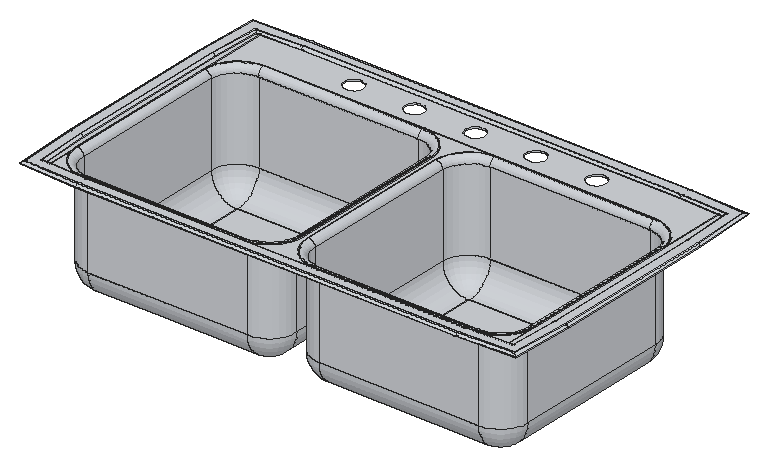
Revit family "LR3319", category Plumbing Fixtures, Revit 2019
Family settings
  Round Connector Dimension = Use Diameter
  Part Type = Normal
  OmniClass Number = 23.45.05.14.14
  OmniClass Title = Sinks/Lavatories
  Work Plane-Based = No
  Always vertical = Yes
  Cut with Voids When Loaded = No
  Shared = No
  Room Calculation Point = No
Parameters (values of type "LR33195")
  URL = "www.elkayusa.com"
  Specification Sheet URL = "http://www.elkayusa.com/cps/rde/xbcr/elkay/01-62H_LR(Q)_LRAD(Q)_Double_Bowl.pdf"
  Sink Width = 1' - 7 1/2"  # constant formula
  Sink Material = none
  Sink Length = 2' - 9"  # constant formula
  Sink Ledge Sides Width = 0' - 1 7/8"  # constant formula
  Sink Ledge Front Width = 0' - 1 1/2"  # constant formula
  Sink Ledge Back Width = 0' - 4"  # constant formula
  Sink Depth = 0' - 7 5/8"  # constant formula
  Sink Bowl Formula = ((Sink Length - Sink Ledge Sides Width - Sink Ledge Sides Width - Partition Width) / 2)  # 1' - 2"
  Partition Width = 0' - 1 1/4"  # constant formula
  Model = "LR3321"
  Minimum Cabinet Width = "36\""
  Manufacturer = "Elkay Manufacturing"
  Installation Sheet URL = "http://www.elkayusa.com/cps/rde/xbcr/elkay/74180147.pdf"
  Hole 5 Top = 0' - 2"
  Hole 4 Top = 0' - 2"
  Hole 3 Top = 0' - 2"
  Hole 2 Top = 0' - 2"
  Hole 1 to 6 = 1' - 6"
  Hole 1 to 8 = 2' - 0"
  Hole 1 to 7 = 1' - 9"
  Hole 1 to 5 = 1' - 4"
  Hole 1 to 4 = 1' - 0"
  Hole 1 to 3 = 0' - 8"
  Hole 1 to 2 = 0' - 4"
  Hole 1 from CL = 0' - 8"
  Hole 1 Top = 0' - 2"
  Faucet Hole CL = 0' - 2 1/4"  # constant formula
  Drain Location = 0' - 7"  # constant formula
  Description = "Lustertone Double Bowl Sink"
  Deep Specification Sheet URL = "http://www.elkayusa.com/cps/rde/xbcr/elkay/01-19G_DLR(Q)_Double_Bowl.pdf"
  Custom Bowl = no
  Custom Bowl Length = ((Sink Length - Sink Ledge Sides Width - Sink Ledge Sides Width - Partition Width) / 2) - CL Sink to CL Partition  # 1' - 2"
  CL Sink to CL Partition = 0' - 0"
  Bowl Length = ((Sink Length - Sink Ledge Sides Width - Sink Ledge Sides Width - Partition Width) / 2)  # 1' - 2"
  Left Bowl Length = if(Custom Bowl, Custom Bowl Length, Sink Bowl Formula)  # 1' - 2"
  2D Hole 5 = Hole 5 Top = 0' 2"  # yes
  2D Hole 4 = Hole 4 Top = 0' 2"  # yes
  2D Hole 3 = Hole 3 Top = 0' 2"  # yes
  2D Hole 2 = Hole 2 Top = 0' 2"  # yes
  2D Hole 1 = Hole 1 Top = 0' 2"  # yes
Types (6): name | Hole 5 Top | Hole 4 Top | Hole 3 Top | Hole 2 Top | Hole 1 to 5 | Hole 1 from CL | 2D Hole 5 | 2D Hole 4 | 2D Hole 3 | 2D Hole 2
  LR33195 | 0' - 2" | 0' - 2" | 0' - 2" | 0' - 2" | 1' - 4" | 0' - 8" | yes | yes | yes | yes
  LR33194 | 0' - 1 1/2" | 0' - 2" | 0' - 2" | 0' - 2" | 1' - 3" | 0' - 4" | no | yes | yes | yes
  LR33193 | 0' - 1 1/2" | 0' - 1 1/2" | 0' - 2" | 0' - 2" | 1' - 3" | 0' - 4" | no | no | yes | yes
  LR3319MR2 | 0' - 1 1/2" | 0' - 1 1/2" | 0' - 1 1/2" | 0' - 2" | 1' - 3" | 0' - 0" | no | no | no | yes
  LR33192 | 0' - 1 1/2" | 0' - 1 1/2" | 0' - 1 1/2" | 0' - 2" | 1' - 3" | 0' - 2" | no | no | no | yes
  LR33191 | 0' - 1 1/2" | 0' - 1 1/2" | 0' - 1 1/2" | 0' - 1 1/2" | 1' - 3" | 0' - 0" | no | no | no | no
Reference planes (in)
  plane 1 "CL Sink Hole": y = 0
  plane 2 "Rim Top Outside Corner": z = 0.0015695
  plane 3 "Center (Left/Right)": x = 0
  plane 4 "Basin Edge Left": x = -14.625
  plane 5 "Basin Edge Right": x = 14.625
  plane 6 "Basin Edge Back": y = 7
  plane 7 "Basin Edge Front": y = -7
  plane 8 "Left": x = -16.5
  plane 9 "Right": x = 16.5
  plane 10 "Back": y = 11
  plane 11 "Front": y = -8.5
  plane 12 "Sink Angle Back Corner": y = 10.8292275
  plane 13 "Sink Angle Right Corner": x = 16.3267866
  plane 14 "Sink Angle Right": x = 12.5172067
  plane 15 "Sink Angle Back": y = 6.7148437
  plane 16 "Sink Angle Left": x = -12.515625
  plane 17 "Sink Angle Left Corner": x = -16.328125
  plane 18 "Sink Angle Front Corner": y = -8.328125
  plane 19 "Sink Angle Front": y = -4.2148438
  plane 20 "Sink Top Face Back Edge": y = 9.9719509
  plane 21 "Sink Top Face Front Edge": y = -7.4726563
  plane 22 "Sink Top Face Right Edge": x = 15.0976563
  plane 23 "Sink Top Face Left Edge": x = -15.0976562
  plane 24 "Sink Bowl Bottom (Top Face)": z = -7.5195312
  plane 25 "Faucet CL": y = 8.75
  plane 26 "Sink Top Piece Top Face": z = -0.0194305
  plane 27 "Sink Top Piece Bottom Face": z = -0.0819305
  plane 28 "Left Sink Bottom Piece Right Edge": x = -2.3125
  plane 29 "Top Void for Radius Back Edge": y = 4.5
  plane 30 "back ledge void radius": y = 7.4921875
  plane 31 "front ledge void radius": y = -7.4921875
  plane 32 "Top Radius Corner Prot": z = -0.4405305
  plane 33: z = -5.8320312
  plane 34 "Sink Bowl Bottom (Bottom Face)": z = -7.5820312
  plane 35 "Left Sink Bottom Piece Left Edge": x = -12.9375
  plane 36 "Sink Bottom Piece Right Edge": x = 12.9375
  plane 37 "Sink Bottom Piece Back Edge": y = 5.3125
  plane 38 "Sink Bottom Piece Front Edge": y = -5.3125
  plane 39 "Top Void for Radius Front Edge": y = -4
  plane 40 "Sink Top Locked Edge Right": x = 15.5625
  plane 41 "Sink Top Locked Edge Left": x = -15.5625
  plane 42 "Hole 1": x = -8
  plane 43 "Hole 2": x = -4
  plane 44 "Hole 3": x = 0
  plane 45 "Hole 4": x = 4
  plane 46 "Hole 5": x = 8
  plane 47 "Faucet Hole Void Bottoms": z = -1.9984305
  plane 48 "Hole 1 Top": z = 0.0015695
  plane 49 "Hole 2 Top": z = 0.0015695
  plane 50 "Hole 3 Top": z = 0.0015695
  plane 51 "Hole 4 Top": z = 0.0015695
  plane 52 "Hole 5 Top": z = 0.0015695
  plane 53 "Top": z = 0.1054687
  plane 54 "Insertion Plan for Sink - Bottom Outside Corner of Rim": z = -0.0524008
  plane 55 "Center (Front/Back)": y = 0
  plane 56 "CL PARTITION": x = 0
  plane 57 "LEFT BOWL RIGHT EDGE": x = -0.625
  plane 58 "RIGHT BOWL LEFT EDGE": x = 0.625
  plane 59 "Sink Bottom Piece Left Edge": x = 2.3125
  plane 60 "Left Bowl CL Drain": x = -7.625
  plane 61 "Right Bowl CL Drain": x = 7.625
  plane 62 "Left Partition Left Edge": x = -0.1328125
  plane 63 "Left Partition Right Edge": x = 0.1328125
Forms (in)
  Sweep 1, solid, material <- "Sink Material"
    path origin (0, 0, 0) x (1, 0, 0) y (0, 1, 0)
      loop
        line (12.5172067, 11) -> (-12.515625, 11) -> (-16.328125, 10.8292275) -> (-16.5, 6.7148437) -> (-16.5, -4.2148438) -> (-16.328125, -8.328125) -> (-12.515625, -8.5) -> (12.5172067, -8.5) -> (16.3267866, -8.328125) -> (16.5, -4.2148438) -> (16.5, 6.7148437) -> (16.3267866, 10.8292275) -> (12.5172067, 11)
    profile "profile-elkay-sink-rim-1 : profile-elkay-sink-rim-1" origin (0.0007909, 11, 0) x (0, -1, 0) y (0, 0, 1)
      loop
        line (0, 0) -> (0, -0.0524008) -> (0.2039181, 0.0577989) -> (0.8052651, 0.0577989) -> (1.0074493, -0.0709913) -> (1.0074493, -0.0163327) -> (0.841093, 0.0896347)
        arc (0.841093, 0.0896347) -> (0.8176388, 0.1002604) -> (0.7921483, 0.1038992) r 0.091102
        line (0.7921483, 0.1038992) -> (0.2153023, 0.1038992)
        arc (0.2153023, 0.1038992) -> (0.1929626, 0.1011179) -> (0.1719868, 0.0929438) r 0.0911081
        line (0.1719868, 0.0929438) -> (0, 0)
  Extrusion 2, solid, material <- "Sink Material"
    sketch origin (0, 0, 0) x (1, 0, 0) y (0, 1, 0)
      loop
        line (-15.0976562, 9.9719509) -> (-15.0976562, 4.5) -> (15.0976563, 4.5) -> (15.0976563, 9.9719509) -> (-15.0976562, 9.9719509)
    from -0.0819305 to -0.0194305
  Extrusion 3, void
    sketch origin (0, 0, 0) x (1, 0, 0) y (0, 1, 0)
      loop
        line (15.0976563, 4.5) -> (15.0976563, 5.1441505)
        arc (15.0976563, 5.1441505) -> (14.4099321, 6.8044634) -> (12.7496193, 7.4921875) r 2.348037
        line (12.7496193, 7.4921875) -> (-12.75, 7.4921875)
        arc (-12.75, 7.4921875) -> (-14.4100437, 6.8045749) -> (-15.0976562, 5.1445312) r 2.3476562
        line (-15.0976562, 5.1445312) -> (-15.0976562, 4.5) -> (15.0976563, 4.5)
    from -0.7469965 to 0.495879
  Extrusion 4, solid, material <- "Sink Material"
    sketch origin (0, 0, 0) x (1, 0, 0) y (0, 1, 0)
      loop
        line (-15.0976562, -4.2148438) -> (-15.0976562, -7.4726563) -> (15.0976563, -7.4726563) -> (15.0976563, -4.2148438) -> (-15.0976562, -4.2148438)
    from -0.0819305 to -0.0194305
  Extrusion 5, void
    sketch origin (0, 0, 0) x (1, 0, 0) y (0, 1, 0)
      loop
        line (-15.0976562, -4) -> (-15.0976562, -5.2107599)
        arc (-15.0976562, -5.2107599) -> (-14.4294416, -6.8239728) -> (-12.8162287, -7.4921875) r 2.2814276
        line (-12.8162287, -7.4921875) -> (12.8164063, -7.4921875)
        arc (12.8164063, -7.4921875) -> (14.4294936, -6.8240248) -> (15.0976562, -5.2109375) r 2.28125
        line (15.0976562, -5.2109375) -> (15.0976563, -4) -> (-15.0976562, -4)
    from -1.9984305 to 0.6466859
  Extrusion 6, solid, material <- "Sink Material"
    sketch origin (0, 0, 0) x (1, 0, 0) y (0, 1, 0)
      loop
        line (-15.5625, 9.9719509) -> (-15.5625, -7.4726563) -> (-15.0976562, -7.4726563) -> (-15.0976562, 9.9719509) -> (-15.5625, 9.9719509)
    from -0.0819305 to -0.0194305
  Extrusion 7, solid, material <- "Sink Material"
    sketch origin (0, 0, 0) x (1, 0, 0) y (0, 1, 0)
      loop
        line (15.0976563, 9.9719509) -> (15.0976563, -7.4726563) -> (15.5625, -7.4726563) -> (15.5625, 9.9719509) -> (15.0976563, 9.9719509)
    from -0.0819305 to -0.0194305
  Sweep 8, solid, material <- "Sink Material"
    path origin (-14.75, 0, -0.0194305) x (-1, 0, 0) y (0, -1, 0)
      loop
        line (-12.375, -7) -> (-1.875, -7)
        arc (-1.875, -7) -> (-0.6375631, -6.4874369) -> (-0.125, -5.25) r 1.75
        line (-0.125, -5.25) -> (-0.125, 5.25)
        arc (-0.125, 5.25) -> (-0.6375631, 6.4874369) -> (-1.875, 7) r 1.75
        line (-1.875, 7) -> (-12.375, 7)
        arc (-12.375, 7) -> (-13.6124369, 6.4874369) -> (-14.125, 5.25) r 1.75
        line (-14.125, 5.25) -> (-14.125, -5.25)
        arc (-14.125, -5.25) -> (-13.6124369, -6.4874369) -> (-12.375, -7) r 1.75
    profile "profile-elkay-sink-top corner : profile-elkay-sink-top corner" origin (-7.625, 7, -0.0194305) x (0, -1, 0) y (0, 0, 1)
      loop
        line (-0.4204811, 0) -> (-0.4921875, 0) -> (-0.4921875, -0.0461) -> (-0.4204811, -0.0461)
        arc (-0.4204811, -0.0461) -> (-0.1553161, -0.155935) -> (-0.0454811, -0.4211) r 0.375
        line (-0.0454811, -0.4211) -> (0.0006189, -0.4211)
        arc (0.0006189, -0.4211) -> (-0.1227185, -0.1233373) -> (-0.4204811, 0) r 0.4211
  Sweep 9, solid, material <- "Sink Material"
    path origin (-14.75, 0, -7.5195312) x (-1, 0, 0) y (0, -1, 0)
      loop
        line (-0.125, -5.25) -> (-0.125, 5.25)
        arc (-0.125, 5.25) -> (-0.6375631, 6.4874369) -> (-1.875, 7) r 1.75
        line (-1.875, 7) -> (-12.375, 7)
        arc (-12.375, 7) -> (-13.6124369, 6.4874369) -> (-14.125, 5.25) r 1.75
        line (-14.125, 5.25) -> (-14.125, -5.25)
        arc (-14.125, -5.25) -> (-13.6124369, -6.4874369) -> (-12.375, -7) r 1.75
        line (-12.375, -7) -> (-1.875, -7)
        arc (-1.875, -7) -> (-0.6375631, -6.4874369) -> (-0.125, -5.25) r 1.75
    profile "profile-elkay-sink-btm-crnr_1-6875 : profile-elkay-sink-btm-crnr_1-6875" origin (-14.625, 0, -7.5195312) x (1, 0, 0) y (0, 0, 1)
      loop
        line (1.6875, -0.0625) -> (1.6875, 0)
        arc (1.6875, 0) -> (0.4942573, 0.4942573) -> (0, 1.6875) r 1.6875
        line (0, 1.6875) -> (-0.0625, 1.6875)
        arc (-0.0625, 1.6875) -> (0.4500631, 0.4500631) -> (1.6875, -0.0625) r 1.75
  Extrusion 10, solid, material <- "Sink Material"
    sketch origin (0, 0, 0) x (1, 0, 0) y (0, 1, 0)
      loop
        line (-12.9375, 5.3125) -> (-12.9375, -5.3125) -> (-2.3125, -5.3125) -> (-2.3125, 5.3125) -> (-12.9375, 5.3125)
    from -7.5820312 to -7.5195312
  Extrusion 11, solid, material <- "Sink Material"
    sketch origin (-14.75, 0, 0) x (1, 0, 0) y (0, 1, 0)
      loop
        arc (1.875, 7) -> (0.6375631, 6.4874369) -> (0.125, 5.25) r 1.75
        line (0.125, 5.25) -> (0.125, -5.25)
        arc (0.125, -5.25) -> (0.6375631, -6.4874369) -> (1.875, -7) r 1.75
        line (1.875, -7) -> (12.375, -7)
        arc (12.375, -7) -> (13.6124369, -6.4874369) -> (14.125, -5.25) r 1.75
        line (14.125, -5.25) -> (14.125, 5.25)
        arc (14.125, 5.25) -> (13.6124369, 6.4874369) -> (12.375, 7) r 1.75
        line (12.375, 7) -> (1.875, 7)
      loop
        arc (1.875, 7.0625) -> (0.593369, 6.531631) -> (0.0625, 5.25) r 1.8125
        line (0.0625, 5.25) -> (0.0625, -5.25)
        arc (0.0625, -5.25) -> (0.593369, -6.531631) -> (1.875, -7.0625) r 1.8125
        line (1.875, -7.0625) -> (12.375, -7.0625)
        arc (12.375, -7.0625) -> (13.656631, -6.531631) -> (14.1875, -5.25) r 1.8125
        line (14.1875, -5.25) -> (14.1875, 5.25)
        arc (14.1875, 5.25) -> (13.656631, 6.531631) -> (12.375, 7.0625) r 1.8125
        line (12.375, 7.0625) -> (1.875, 7.0625)
    from -5.8320312 to -0.4405305
  Extrusion 12, void
    sketch origin (0, 0, 0) x (1, 0, 0) y (0, 1, 0)
      loop
        circle (-7.625, 0) r 2.5
    from -7.5820312 to -5.8320312
  Sweep 13, solid, material <- "Sink Material"
    path origin (-14.75, 0, -7.5195312) x (-1, 0, 0) y (0, -1, 0)
      loop
        circle (-7.125, 0) r 2.501635
    profile "profile-elkay-sink-hole-1 : profile-elkay-sink-hole-1" origin (-7.625, -2.501635, -7.5195312) x (0, 1, 0) y (0, 0, 1)
      loop
        line (0.5785343, -0.3269365) -> (0.1564602, -0.1343744)
        arc (0.1564602, -0.1343744) -> (0.1424945, -0.125589) -> (0.1313144, -0.1134552) r 0.0625
        line (0.1313144, -0.1134552) -> (0.0881719, -0.0522605)
        arc (0.0881719, -0.0522605) -> (0.0506391, -0.015074) -> (0, 0) r 0.1086
        line (0, 0) -> (0, -0.0461763)
        arc (0, -0.0461763) -> (0.0262058, -0.0541921) -> (0.0464633, -0.0726482) r 0.0625
        line (0.0464633, -0.0726482) -> (0.093406, -0.1396891)
        arc (0.093406, -0.1396891) -> (0.1129384, -0.1609677) -> (0.1373891, -0.176345) r 0.1086
        line (0.1373891, -0.176345) -> (0.5785343, -0.3776079) -> (0.5785343, -0.3269365)
  Sweep 14, solid, material <- "Sink Material"
    path origin (14.75, 0, -0.0194305) x (-1, 0, 0) y (0, -1, 0)
      loop
        line (1.875, -7) -> (12.375, -7)
        arc (12.375, -7) -> (13.6124369, -6.4874369) -> (14.125, -5.25) r 1.75
        line (14.125, -5.25) -> (14.125, 5.25)
        arc (14.125, 5.25) -> (13.6124369, 6.4874369) -> (12.375, 7) r 1.75
        line (12.375, 7) -> (1.875, 7)
        arc (1.875, 7) -> (0.6375631, 6.4874369) -> (0.125, 5.25) r 1.75
        line (0.125, 5.25) -> (0.125, -5.25)
        arc (0.125, -5.25) -> (0.6375631, -6.4874369) -> (1.875, -7) r 1.75
    profile "profile-elkay-sink-top corner : profile-elkay-sink-top corner" origin (7.625, 7, -0.0194305) x (0, -1, 0) y (0, 0, 1)
      loop
        line (-0.4204811, 0) -> (-0.4921875, 0) -> (-0.4921875, -0.0461) -> (-0.4204811, -0.0461)
        arc (-0.4204811, -0.0461) -> (-0.1553161, -0.155935) -> (-0.0454811, -0.4211) r 0.375
        line (-0.0454811, -0.4211) -> (0.0006189, -0.4211)
        arc (0.0006189, -0.4211) -> (-0.1227185, -0.1233373) -> (-0.4204811, 0) r 0.4211
  Sweep 15, solid, material <- "Sink Material"
    path origin (14.75, 0, -7.5195312) x (-1, 0, 0) y (0, -1, 0)
      loop
        line (14.125, -5.25) -> (14.125, 5.25)
        arc (14.125, 5.25) -> (13.6124369, 6.4874369) -> (12.375, 7) r 1.75
        line (12.375, 7) -> (1.875, 7)
        arc (1.875, 7) -> (0.6375631, 6.4874369) -> (0.125, 5.25) r 1.75
        line (0.125, 5.25) -> (0.125, -5.25)
        arc (0.125, -5.25) -> (0.6375631, -6.4874369) -> (1.875, -7) r 1.75
        line (1.875, -7) -> (12.375, -7)
        arc (12.375, -7) -> (13.6124369, -6.4874369) -> (14.125, -5.25) r 1.75
    profile "profile-elkay-sink-btm-crnr_1-6875 : profile-elkay-sink-btm-crnr_1-6875" origin (0.625, 0, -7.5195312) x (1, 0, 0) y (0, 0, 1)
      loop
        line (1.6875, -0.0625) -> (1.6875, 0)
        arc (1.6875, 0) -> (0.4942573, 0.4942573) -> (0, 1.6875) r 1.6875
        line (0, 1.6875) -> (-0.0625, 1.6875)
        arc (-0.0625, 1.6875) -> (0.4500631, 0.4500631) -> (1.6875, -0.0625) r 1.75
  Extrusion 16, solid, material <- "Sink Material"
    sketch origin (14.75, 0, 0) x (1, 0, 0) y (0, 1, 0)
      loop
        arc (-12.375, 7) -> (-13.6124369, 6.4874369) -> (-14.125, 5.25) r 1.75
        line (-14.125, 5.25) -> (-14.125, -5.25)
        arc (-14.125, -5.25) -> (-13.6124369, -6.4874369) -> (-12.375, -7) r 1.75
        line (-12.375, -7) -> (-1.875, -7)
        arc (-1.875, -7) -> (-0.6375631, -6.4874369) -> (-0.125, -5.25) r 1.75
        line (-0.125, -5.25) -> (-0.125, 5.25)
        arc (-0.125, 5.25) -> (-0.6375631, 6.4874369) -> (-1.875, 7) r 1.75
        line (-1.875, 7) -> (-12.375, 7)
      loop
        arc (-12.375, 7.0625) -> (-13.656631, 6.531631) -> (-14.1875, 5.25) r 1.8125
        line (-14.1875, 5.25) -> (-14.1875, -5.25)
        arc (-14.1875, -5.25) -> (-13.656631, -6.531631) -> (-12.375, -7.0625) r 1.8125
        line (-12.375, -7.0625) -> (-1.875, -7.0625)
        arc (-1.875, -7.0625) -> (-0.593369, -6.531631) -> (-0.0625, -5.25) r 1.8125
        line (-0.0625, -5.25) -> (-0.0625, 5.25)
        arc (-0.0625, 5.25) -> (-0.593369, 6.531631) -> (-1.875, 7.0625) r 1.8125
        line (-1.875, 7.0625) -> (-12.375, 7.0625)
    from -5.8320312 to -0.4405305
  Extrusion 17, solid, material <- "Sink Material"
    sketch origin (0, 0, 0) x (1, 0, 0) y (0, 1, 0)
      loop
        line (2.3125, 5.3125) -> (2.3125, -5.3125) -> (12.9375, -5.3125) -> (12.9375, 5.3125) -> (2.3125, 5.3125)
    from -7.5820312 to -7.5195312
  Extrusion 18, void
    sketch origin (0, 0, 0) x (1, 0, 0) y (0, 1, 0)
      loop
        circle (7.625, 0) r 2.5
    from -7.5820312 to -5.8320312
  Sweep 19, solid, material <- "Sink Material"
    path origin (14.75, 0, -7.5195312) x (-1, 0, 0) y (0, -1, 0)
      loop
        circle (7.125, 0) r 2.501635
    profile "profile-elkay-sink-hole-1 : profile-elkay-sink-hole-1" origin (7.625, -2.501635, -7.5195312) x (0, 1, 0) y (0, 0, 1)
      loop
        line (0.5785343, -0.3269365) -> (0.1564602, -0.1343744)
        arc (0.1564602, -0.1343744) -> (0.1424945, -0.125589) -> (0.1313144, -0.1134552) r 0.0625
        line (0.1313144, -0.1134552) -> (0.0881719, -0.0522605)
        arc (0.0881719, -0.0522605) -> (0.0506391, -0.015074) -> (0, 0) r 0.1086
        line (0, 0) -> (0, -0.0461763)
        arc (0, -0.0461763) -> (0.0262058, -0.0541921) -> (0.0464633, -0.0726482) r 0.0625
        line (0.0464633, -0.0726482) -> (0.093406, -0.1396891)
        arc (0.093406, -0.1396891) -> (0.1129384, -0.1609677) -> (0.1373891, -0.176345) r 0.1086
        line (0.1373891, -0.176345) -> (0.5785343, -0.3776079) -> (0.5785343, -0.3269365)
  Extrusion 20, void
    sketch origin (0, 0, 0) x (1, 0, 0) y (0, 1, 0)
      loop
        circle (-8, 8.75) r 0.625
    from -1.9984305 to 0.0015695
  Extrusion 21, void
    sketch origin (0, 0, 0) x (1, 0, 0) y (0, 1, 0)
      loop
        circle (-4, 8.75) r 0.625
    from -1.9984305 to 0.0015695
  Extrusion 22, void
    sketch origin (0, 0, 0) x (1, 0, 0) y (0, 1, 0)
      loop
        circle (0, 8.75) r 0.625
    from -1.9984305 to 0.0015695
  Extrusion 23, void
    sketch origin (0, 0, 0) x (1, 0, 0) y (0, 1, 0)
      loop
        circle (4, 8.75) r 0.625
    from -1.9984305 to 0.0015695
  Extrusion 24, void
    sketch origin (0, 0, 0) x (1, 0, 0) y (0, 1, 0)
      loop
        circle (8, 8.75) r 0.625
    from -1.9984305 to 0.0015695
  Extrusion 25, solid, material <- "Sink Material"
    sketch origin (0, 0, 0) x (1, 0, 0) y (0, 1, 0)
      loop
        arc (-2.375, 7.4921875) -> (-0.789534, 6.835466) -> (-0.1328125, 5.25) r 2.2421875
        line (-0.1328125, 5.25) -> (-0.1328125, -5.25)
        arc (-0.1328125, -5.25) -> (-0.789534, -6.835466) -> (-2.375, -7.4921875) r 2.2421875
        line (-2.375, -7.4921875) -> (2.375, -7.4921875)
        arc (2.375, -7.4921875) -> (0.789534, -6.835466) -> (0.1328125, -5.25) r 2.2421875
        line (0.1328125, -5.25) -> (0.1328125, 5.25)
        arc (0.1328125, 5.25) -> (0.789534, 6.835466) -> (2.375, 7.4921875) r 2.2421875
        line (2.375, 7.4921875) -> (-2.375, 7.4921875)
    from -0.0819305 to -0.0194305
Cuts and joins
  Extrusion 3, Extrusion 12, Extrusion 18, Extrusion 20, Extrusion 21, Extrusion 22, Extrusion 23, Extrusion 24 cuts Sweep 1
  Extrusion 3, Extrusion 20, Extrusion 21, Extrusion 22, Extrusion 23, Extrusion 24 cuts Extrusion 2
  Extrusion 5 cuts Extrusion 4
  Extrusion 12 cuts Extrusion 10
  Extrusion 18 cuts Extrusion 17
Lines and regions (in)
  reference lines
    curve 1: line (12.5172067, 11, 0) -> (16.3267866, 10.8292275, 0)
    curve 2: line (16.3267866, 10.8292275, 0) -> (16.5, 6.7148437, 0)
    curve 3: line (-12.515625, 11, 0) -> (-16.328125, 10.8292275, 0)
    curve 4: line (-16.328125, 10.8292275, 0) -> (-16.5, 6.7148437, 0)
    curve 5: line (-16.5, -4.2148438, 0) -> (-16.328125, -8.328125, 0)
    curve 6: line (-16.328125, -8.328125, 0) -> (-12.515625, -8.5, 0)
    curve 7: line (16.5, -4.2148438, 0) -> (16.3267866, -8.328125, 0)
    curve 8: line (16.3267866, -8.328125, 0) -> (12.5172067, -8.5, 0)
Dimensions and locks (in)
  "Sink Ledge Sides Width": plane 8 "Left" to plane 4 "Basin Edge Left"
  "Sink Ledge Sides Width": plane 5 "Basin Edge Right" to plane 9 "Right"
  "Sink Length": plane 8 "Left" to plane 9 "Right"
  "Drain Location": plane 6 "Basin Edge Back" to plane 1 "CL Sink Hole"
  "Sink Ledge Back Width": plane 10 "Back" to plane 6 "Basin Edge Back"
  "Sink Ledge Front Width": plane 7 "Basin Edge Front" to plane 11 "Front"
  locked: plane 13 "Sink Angle Right Corner" to plane 9 "Right" at 0.1732134
  locked: plane 10 "Back" to plane 12 "Sink Angle Back Corner" at 0.1707725
  locked: plane 14 "Sink Angle Right" to plane 9 "Right" at 3.9827933
  locked: plane 10 "Back" to plane 15 "Sink Angle Back" at 4.2851562
  locked: plane 8 "Left" to plane 17 "Sink Angle Left Corner" at 0.171875
  locked: plane 8 "Left" to plane 16 "Sink Angle Left" at 3.984375
  locked: plane 18 "Sink Angle Front Corner" to plane 11 "Front" at 0.171875
  locked: plane 19 "Sink Angle Front" to plane 11 "Front" at 4.2851562
  "Sink Width": plane 10 "Back" to plane 11 "Front"
  locked: plane 10 "Back" to plane 20 "Sink Top Face Back Edge" at 1.0280491
  locked: plane 21 "Sink Top Face Front Edge" to plane 11 "Front" at 1.0273438
  locked: plane 23 "Sink Top Face Left Edge" to plane 4 "Basin Edge Left" at 0.4726562
  "Sink Depth": plane 53 "Top" to plane 24 "Sink Bowl Bottom (Top Face)"
  "Faucet Hole CL": plane 10 "Back" to plane 25 "Faucet CL"
  locked: plane 2 "Rim Top Outside Corner" to plane 26 "Sink Top Piece Top Face" at 0.021
  locked: plane 26 "Sink Top Piece Top Face" to plane 27 "Sink Top Piece Bottom Face" at 0.0625
  locked: plane 6 "Basin Edge Back" to plane 29 "Top Void for Radius Back Edge" at 2.5
  locked: plane 30 "back ledge void radius" to plane 29 "Top Void for Radius Back Edge" at 2.9921875
  locked: plane 39 "Top Void for Radius Front Edge" to plane 31 "front ledge void radius" at 3.4921875
  locked: plane 2 "Rim Top Outside Corner" to plane 32 "Top Radius Corner Prot" at 0.4421
  locked: plane 33 to plane 24 "Sink Bowl Bottom (Top Face)" at 1.6875
  locked: plane 24 "Sink Bowl Bottom (Top Face)" to plane 34 "Sink Bowl Bottom (Bottom Face)" at 0.0625
  locked: plane 38 "Sink Bottom Piece Front Edge" to plane 7 "Basin Edge Front" at 1.6875
  locked: plane 4 "Basin Edge Left" to plane 35 "Left Sink Bottom Piece Left Edge" at 1.6875
  locked: plane 36 "Sink Bottom Piece Right Edge" to plane 5 "Basin Edge Right" at 1.6875
  locked: plane 6 "Basin Edge Back" to plane 37 "Sink Bottom Piece Back Edge" at 1.6875
  locked: plane 39 "Top Void for Radius Front Edge" to plane 7 "Basin Edge Front" at 3
  locked: plane 5 "Basin Edge Right" to plane 22 "Sink Top Face Right Edge" at 0.4726562
  locked: Extrusion 3 sketch curve to plane 5 "Basin Edge Right" at 1.8753807
  locked: plane 6 "Basin Edge Back" to Extrusion 3 sketch curve at 1.8558495
  locked: plane 4 "Basin Edge Left" to Extrusion 3 sketch curve at 1.875
  locked: plane 6 "Basin Edge Back" to Extrusion 3 sketch curve at 1.8554688
  locked: plane 4 "Basin Edge Left" to Extrusion 5 sketch curve at 1.8087713
  locked: Extrusion 5 sketch curve to plane 5 "Basin Edge Right" at 1.8085938
  locked: Extrusion 5 sketch curve to plane 7 "Basin Edge Front" at 1.7892401
  locked: Extrusion 5 sketch curve to plane 7 "Basin Edge Front" at 1.7890625
  locked: plane 40 "Sink Top Locked Edge Right" to plane 9 "Right" at 0.9375
  locked: plane 8 "Left" to plane 41 "Sink Top Locked Edge Left" at 0.9375
  "Hole 1 from CL": plane 42 "Hole 1" to plane 3 "Center (Left/Right)"
  "Hole 1 to 2": plane 42 "Hole 1" to plane 43 "Hole 2"
  "Hole 1 to 3": plane 42 "Hole 1" to plane 44 "Hole 3"
  "Hole 1 to 4": plane 42 "Hole 1" to plane 45 "Hole 4"
  "Hole 1 to 5": plane 42 "Hole 1" to plane 46 "Hole 5"
  locked: plane 2 "Rim Top Outside Corner" to plane 47 "Faucet Hole Void Bottoms" at 2
  "Hole 1 Top": plane 48 "Hole 1 Top" to plane 47 "Faucet Hole Void Bottoms"
  "Hole 2 Top": plane 49 "Hole 2 Top" to plane 47 "Faucet Hole Void Bottoms"
  "Hole 3 Top": plane 50 "Hole 3 Top" to plane 47 "Faucet Hole Void Bottoms"
  "Hole 4 Top": plane 51 "Hole 4 Top" to plane 47 "Faucet Hole Void Bottoms"
  "Hole 5 Top": plane 52 "Hole 5 Top" to plane 47 "Faucet Hole Void Bottoms"
  locked: plane 53 "Top" to plane 2 "Rim Top Outside Corner" at 0.1038992
  locked: plane 53 "Top" to plane 54 "Insertion Plan for Sink - Bottom Outside Corner of Rim" at 0.1578695
  equal spacing: plane 6 "Basin Edge Back", plane 55 "Center (Front/Back)", plane 7 "Basin Edge Front"
  locked: plane 28 "Left Sink Bottom Piece Right Edge" to plane 57 "LEFT BOWL RIGHT EDGE" at 1.6875
  locked: plane 58 "RIGHT BOWL LEFT EDGE" to plane 59 "Sink Bottom Piece Left Edge" at 1.6875
  locked: plane 6 "Basin Edge Back" to Sweep 8 sketch curve at 1.75  (x2)
  locked: plane 4 "Basin Edge Left" to Sweep 8 sketch curve at 1.75  (x2)
  locked: Sweep 8 sketch curve to plane 57 "LEFT BOWL RIGHT EDGE" at 1.75  (x2)
  locked: Sweep 8 sketch curve to plane 7 "Basin Edge Front" at 1.75  (x2)
  equal spacing: plane 8 "Left", plane 3 "Center (Left/Right)", plane 9 "Right"
  equal spacing: plane 4 "Basin Edge Left", plane 60 "Left Bowl CL Drain", plane 57 "LEFT BOWL RIGHT EDGE"
  equal spacing: plane 58 "RIGHT BOWL LEFT EDGE", plane 61 "Right Bowl CL Drain", plane 5 "Basin Edge Right"
  locked: plane 4 "Basin Edge Left" to Sweep 9 sketch curve at 1.75  (x2)
  locked: Sweep 9 sketch curve to plane 57 "LEFT BOWL RIGHT EDGE" at 1.75  (x2)
  locked: plane 6 "Basin Edge Back" to Sweep 9 sketch curve at 1.75  (x2)
  locked: Sweep 9 sketch curve to plane 7 "Basin Edge Front" at 1.75  (x2)
  locked: plane 6 "Basin Edge Back" to Extrusion 11 sketch curve at 1.75  (x2)
  locked: plane 4 "Basin Edge Left" to Extrusion 11 sketch curve at 1.75  (x2)
  locked: Extrusion 11 sketch curve to plane 57 "LEFT BOWL RIGHT EDGE" at 1.75  (x2)
  locked: Extrusion 11 sketch curve to plane 7 "Basin Edge Front" at 1.75  (x2)
  locked: plane 58 "RIGHT BOWL LEFT EDGE" to Sweep 14 sketch curve at 1.75  (x2)
  locked: Sweep 14 sketch curve to plane 5 "Basin Edge Right" at 1.75  (x2)
  locked: plane 6 "Basin Edge Back" to Sweep 14 sketch curve at 1.75  (x2)
  locked: Sweep 14 sketch curve to plane 7 "Basin Edge Front" at 1.75  (x2)
  locked: Sweep 15 sketch curve to plane 5 "Basin Edge Right" at 1.75  (x2)
  locked: Sweep 15 sketch curve to plane 7 "Basin Edge Front" at 1.75  (x2)
  locked: plane 58 "RIGHT BOWL LEFT EDGE" to Sweep 15 sketch curve at 1.75  (x2)
  locked: plane 6 "Basin Edge Back" to Sweep 15 sketch curve at 1.75  (x2)
  locked: plane 58 "RIGHT BOWL LEFT EDGE" to Extrusion 16 sketch curve at 1.75  (x2)
  locked: Extrusion 16 sketch curve to plane 5 "Basin Edge Right" at 1.75  (x2)
  locked: Extrusion 16 sketch curve to plane 7 "Basin Edge Front" at 1.75  (x2)
  locked: plane 6 "Basin Edge Back" to Extrusion 16 sketch curve at 1.75  (x2)
  plane 8 "Left" to plane 42 "Hole 1" = 0' - 8 1/2"
  locked: Extrusion 25 sketch curve to plane 57 "LEFT BOWL RIGHT EDGE" at 1.75  (x2)
  locked: plane 6 "Basin Edge Back" to Extrusion 25 sketch curve at 1.75  (x2)
  locked: Extrusion 25 sketch curve to plane 31 "front ledge void radius" at 2.2421875  (x2)
  plane 62 "Left Partition Left Edge" to plane 56 "CL PARTITION" to plane 63 "Left Partition Right Edge" = 0' - 0 17/128" locked, 0' - 0 17/128" locked
  "CL Sink to CL Partition": plane 56 "CL PARTITION" to plane 3 "Center (Left/Right)"
  "Partition Width": plane 57 "LEFT BOWL RIGHT EDGE" to plane 58 "RIGHT BOWL LEFT EDGE"
  equal spacing: plane 57 "LEFT BOWL RIGHT EDGE", plane 56 "CL PARTITION", plane 58 "RIGHT BOWL LEFT EDGE"
  locked: plane 58 "RIGHT BOWL LEFT EDGE" to Extrusion 25 sketch curve at 1.75  (x2)
  aligned and locked: plane 9 "Right" to Sweep 1 sketch curve
  aligned and locked: plane 10 "Back" to Sweep 1 sketch curve
  aligned and locked: Sweep 1 sketch curve to plane 8 "Left"
  aligned and locked: Sweep 1 sketch curve to plane 11 "Front"
  aligned and locked: Sweep 1 sketch curve to curve 7
  aligned and locked: Sweep 1 sketch curve to curve 8
  aligned and locked: Sweep 1 sketch curve to curve 6
  aligned and locked: Sweep 1 sketch curve to curve 5
  aligned and locked: Sweep 1 sketch curve to curve 4
  aligned and locked: Sweep 1 sketch curve to curve 3
  aligned and locked: Sweep 1 sketch curve to curve 1
  aligned and locked: Sweep 1 sketch curve to curve 2
  aligned and locked: plane 29 "Top Void for Radius Back Edge" to Extrusion 2 sketch curve
  aligned and locked: plane 23 "Sink Top Face Left Edge" to Extrusion 2 sketch curve
  aligned and locked: Extrusion 2 sketch curve to plane 22 "Sink Top Face Right Edge"
  aligned and locked: Extrusion 2 sketch curve to plane 20 "Sink Top Face Back Edge"
  aligned and locked: Extrusion 2 to plane 27 "Sink Top Piece Bottom Face"
  aligned and locked: plane 23 "Sink Top Face Left Edge" to Extrusion 3 sketch curve
  aligned and locked: Extrusion 3 sketch curve to plane 22 "Sink Top Face Right Edge"
  aligned and locked: plane 29 "Top Void for Radius Back Edge" to Extrusion 3 sketch curve
  aligned and locked: plane 26 "Sink Top Piece Top Face" to Extrusion 2
  aligned and locked: Extrusion 3 sketch curve to plane 30 "back ledge void radius"
  aligned and locked: plane 23 "Sink Top Face Left Edge" to Extrusion 4 sketch curve
  aligned and locked: Extrusion 4 sketch curve to plane 19 "Sink Angle Front"
  aligned and locked: plane 21 "Sink Top Face Front Edge" to Extrusion 4 sketch curve
  aligned and locked: Extrusion 4 sketch curve to plane 22 "Sink Top Face Right Edge"
  aligned and locked: plane 26 "Sink Top Piece Top Face" to Extrusion 4
  aligned and locked: Extrusion 4 to plane 27 "Sink Top Piece Bottom Face"
  aligned and locked: Extrusion 5 sketch curve to plane 22 "Sink Top Face Right Edge"
  aligned and locked: plane 23 "Sink Top Face Left Edge" to Extrusion 5 sketch curve
  aligned and locked: plane 31 "front ledge void radius" to Extrusion 5 sketch curve
  aligned and locked: Extrusion 5 sketch curve to plane 39 "Top Void for Radius Front Edge"
  aligned and locked: plane 41 "Sink Top Locked Edge Left" to Extrusion 6 sketch curve
  aligned and locked: Extrusion 6 sketch curve to plane 23 "Sink Top Face Left Edge"
  aligned and locked: Extrusion 6 to plane 27 "Sink Top Piece Bottom Face"
  aligned and locked: plane 26 "Sink Top Piece Top Face" to Extrusion 6
  aligned and locked: plane 20 "Sink Top Face Back Edge" to Extrusion 6
  aligned and locked: Extrusion 6 to plane 21 "Sink Top Face Front Edge"
  aligned and locked: Extrusion 7 sketch curve to plane 20 "Sink Top Face Back Edge"
  aligned and locked: plane 22 "Sink Top Face Right Edge" to Extrusion 7 sketch curve
  aligned and locked: plane 21 "Sink Top Face Front Edge" to Extrusion 7 sketch curve
  aligned and locked: plane 40 "Sink Top Locked Edge Right" to Extrusion 7 sketch curve
  aligned and locked: plane 27 "Sink Top Piece Bottom Face" to Extrusion 7
  aligned and locked: plane 26 "Sink Top Piece Top Face" to Extrusion 7
  aligned and locked: Extrusion 5 to plane 47 "Faucet Hole Void Bottoms"
  aligned and locked: Sweep 8 sketch curve to plane 4 "Basin Edge Left"
  aligned and locked: Sweep 8 sketch curve to plane 57 "LEFT BOWL RIGHT EDGE"
  aligned and locked: Sweep 9 sketch curve to plane 57 "LEFT BOWL RIGHT EDGE"
  aligned and locked: Sweep 9 sketch curve to plane 6 "Basin Edge Back"
  aligned and locked: Sweep 9 sketch curve to plane 7 "Basin Edge Front"
  aligned and locked: plane 35 "Left Sink Bottom Piece Left Edge" to Extrusion 10 sketch curve
  aligned and locked: Extrusion 10 sketch curve to plane 28 "Left Sink Bottom Piece Right Edge"
  aligned and locked: plane 38 "Sink Bottom Piece Front Edge" to Extrusion 10 sketch curve
  aligned and locked: Extrusion 10 sketch curve to plane 37 "Sink Bottom Piece Back Edge"
  aligned and locked: Extrusion 10 to plane 34 "Sink Bowl Bottom (Bottom Face)"
  aligned and locked: plane 24 "Sink Bowl Bottom (Top Face)" to Extrusion 10
  aligned and locked: plane 4 "Basin Edge Left" to Extrusion 11 sketch curve
  aligned and locked: plane 7 "Basin Edge Front" to Extrusion 11 sketch curve
  aligned and locked: Extrusion 11 sketch curve to plane 57 "LEFT BOWL RIGHT EDGE"
  aligned and locked: Extrusion 11 sketch curve to plane 6 "Basin Edge Back"
  aligned and locked: plane 32 "Top Radius Corner Prot" to Extrusion 11
  aligned and locked: Extrusion 12 to plane 34 "Sink Bowl Bottom (Bottom Face)"
  aligned and locked: Sweep 14 sketch curve to plane 7 "Basin Edge Front"
  aligned and locked: Sweep 14 sketch curve to plane 5 "Basin Edge Right"
  aligned and locked: Sweep 14 sketch curve to plane 58 "RIGHT BOWL LEFT EDGE"
  aligned and locked: Sweep 15 sketch curve to plane 58 "RIGHT BOWL LEFT EDGE"
  aligned and locked: Sweep 15 sketch curve to plane 5 "Basin Edge Right"
  aligned and locked: Sweep 15 sketch curve to plane 7 "Basin Edge Front"
  aligned and locked: plane 32 "Top Radius Corner Prot" to Extrusion 16
  aligned and locked: plane 59 "Sink Bottom Piece Left Edge" to Extrusion 17 sketch curve
  aligned and locked: Extrusion 17 sketch curve to plane 36 "Sink Bottom Piece Right Edge"
  aligned and locked: plane 38 "Sink Bottom Piece Front Edge" to Extrusion 17 sketch curve
  aligned and locked: Extrusion 17 sketch curve to plane 37 "Sink Bottom Piece Back Edge"
  aligned: Extrusion 17 to plane 24 "Sink Bowl Bottom (Top Face)"
  aligned and locked: Extrusion 17 to plane 34 "Sink Bowl Bottom (Bottom Face)"
  aligned and locked: plane 24 "Sink Bowl Bottom (Top Face)" to Extrusion 17
  aligned and locked: Extrusion 18 to plane 34 "Sink Bowl Bottom (Bottom Face)"
  aligned and locked: plane 33 to Extrusion 18
  aligned and locked: plane 58 "RIGHT BOWL LEFT EDGE" to Extrusion 16 sketch curve
  aligned and locked: Extrusion 20 to plane 47 "Faucet Hole Void Bottoms"
  aligned and locked: Extrusion 21 to plane 47 "Faucet Hole Void Bottoms"
  aligned and locked: Extrusion 22 to plane 47 "Faucet Hole Void Bottoms"
  aligned and locked: Extrusion 23 to plane 47 "Faucet Hole Void Bottoms"
  aligned and locked: Extrusion 24 to plane 47 "Faucet Hole Void Bottoms"
  aligned and locked: Extrusion 20 to plane 48 "Hole 1 Top"
  aligned and locked: Extrusion 21 to plane 49 "Hole 2 Top"
  aligned and locked: Extrusion 22 to plane 50 "Hole 3 Top"
  aligned and locked: Extrusion 23 to plane 51 "Hole 4 Top"
  aligned and locked: plane 52 "Hole 5 Top" to Extrusion 24
  aligned and locked: plane 30 "back ledge void radius" to Extrusion 25 sketch curve
  aligned and locked: plane 31 "front ledge void radius" to Extrusion 25 sketch curve
  aligned and locked: Extrusion 25 sketch curve to plane 63 "Left Partition Right Edge"
  aligned and locked: plane 62 "Left Partition Left Edge" to Extrusion 25 sketch curve
  aligned and locked: Extrusion 25 to plane 27 "Sink Top Piece Bottom Face"
  aligned and locked: plane 26 "Sink Top Piece Top Face" to Extrusion 25
  aligned and locked: Extrusion 11 to plane 33
  aligned and locked: Extrusion 16 to plane 33
Automatic sketch dimensions
  curve 4 to plane 8 "Left" = 0' - 0"
  curve 5 to plane 8 "Left" = 0' - 0"
  curve 5 to plane 17 "Sink Angle Left Corner" = 0' - 0"
  curve 4 to plane 12 "Sink Angle Back Corner" = 0' - 0"
  curve 4 to plane 17 "Sink Angle Left Corner" = 0' - 0"
  curve 3 to plane 10 "Back" = 0' - 0"
  curve 3 to plane 16 "Sink Angle Left" = 0' - 0"
  curve 6 to plane 11 "Front" = 0' - 0"
  curve 6 to plane 16 "Sink Angle Left" = 0' - 0"
  curve 1 to plane 10 "Back" = 0' - 0"
  curve 1 to plane 14 "Sink Angle Right" = 0' - 0"
  curve 8 to plane 11 "Front" = 0' - 0"
  curve 8 to plane 14 "Sink Angle Right" = 0' - 0"
  curve 1 to plane 12 "Sink Angle Back Corner" = 0' - 0"
  curve 1 to plane 13 "Sink Angle Right Corner" = 0' - 0"
  curve 8 to plane 13 "Sink Angle Right Corner" = 0' - 0"
  curve 7 to plane 9 "Right" = 0' - 0"
  curve 2 to plane 9 "Right" = 0' - 0"
  curve 5 to plane 18 "Sink Angle Front Corner" = 0' - 0"
  curve 7 to plane 18 "Sink Angle Front Corner" = 0' - 0"
  curve 7 to plane 19 "Sink Angle Front" = 0' - 0"
  curve 5 to plane 19 "Sink Angle Front" = 0' - 0"
  curve 2 to plane 15 "Sink Angle Back" = 0' - 0"
  curve 4 to plane 15 "Sink Angle Back" = 0' - 0"
  Extrusion 6 sketch curve to plane 21 "Sink Top Face Front Edge" = 0' - 0"
  Extrusion 6 sketch curve to plane 20 "Sink Top Face Back Edge" = 0' - 0"
  Extrusion 11 sketch curve to Extrusion 11 sketch curve = 0' - 0"  (x7)
  Extrusion 11 sketch curve to Extrusion 11 sketch curve = 0' - 0 1/16"
  plane 1 "CL Sink Hole" to Extrusion 12 sketch curve = 0' - 0"
  Extrusion 12 sketch curve to plane 60 "Left Bowl CL Drain" = 0' - 0"
  plane 1 "CL Sink Hole" to Sweep 13 sketch curve = 0' - 0"
  Sweep 13 sketch curve to plane 60 "Left Bowl CL Drain" = 0' - 0"
  plane 1 "CL Sink Hole" to Extrusion 18 sketch curve = 0' - 0"
  Extrusion 18 sketch curve to plane 61 "Right Bowl CL Drain" = 0' - 0"
  Sweep 19 sketch curve to plane 1 "CL Sink Hole" = 0' - 0"
  plane 61 "Right Bowl CL Drain" to Sweep 19 sketch curve = 0' - 0"
  Extrusion 16 sketch curve to Extrusion 16 sketch curve = 0' - 0"  (x7)
  Extrusion 16 sketch curve to plane 7 "Basin Edge Front" = 0' - 0 1/16"
  Extrusion 20 sketch curve to plane 25 "Faucet CL" = 0' - 0"
  Extrusion 20 sketch curve to plane 42 "Hole 1" = 0' - 0"
  Extrusion 21 sketch curve to plane 25 "Faucet CL" = 0' - 0"
  Extrusion 21 sketch curve to plane 43 "Hole 2" = 0' - 0"
  Extrusion 22 sketch curve to plane 25 "Faucet CL" = 0' - 0"
  Extrusion 22 sketch curve to plane 44 "Hole 3" = 0' - 0"
  Extrusion 23 sketch curve to plane 25 "Faucet CL" = 0' - 0"
  Extrusion 23 sketch curve to plane 45 "Hole 4" = 0' - 0"
  Extrusion 24 sketch curve to plane 25 "Faucet CL" = 0' - 0"
  Extrusion 24 sketch curve to plane 46 "Hole 5" = 0' - 0"
  Extrusion 25 sketch curve to Extrusion 25 sketch curve = 0' - 0"  (x3)
  plane 63 "Left Partition Right Edge" to Extrusion 25 sketch curve = 0' - 2 31/128"
  radius of Extrusion 12 sketch curve = 0' - 2 1/2"
  radius of Sweep 13 sketch curve = 0' - 2.50164"
  radius of Extrusion 18 sketch curve = 0' - 2 1/2"
  radius of Sweep 19 sketch curve = 0' - 2.50164"
  radius of Extrusion 20 sketch curve = 0' - 0 5/8"
  radius of Extrusion 21 sketch curve = 0' - 0 5/8"
  radius of Extrusion 22 sketch curve = 0' - 0 5/8"
  radius of Extrusion 23 sketch curve = 0' - 0 5/8"
  radius of Extrusion 24 sketch curve = 0' - 0 5/8"
